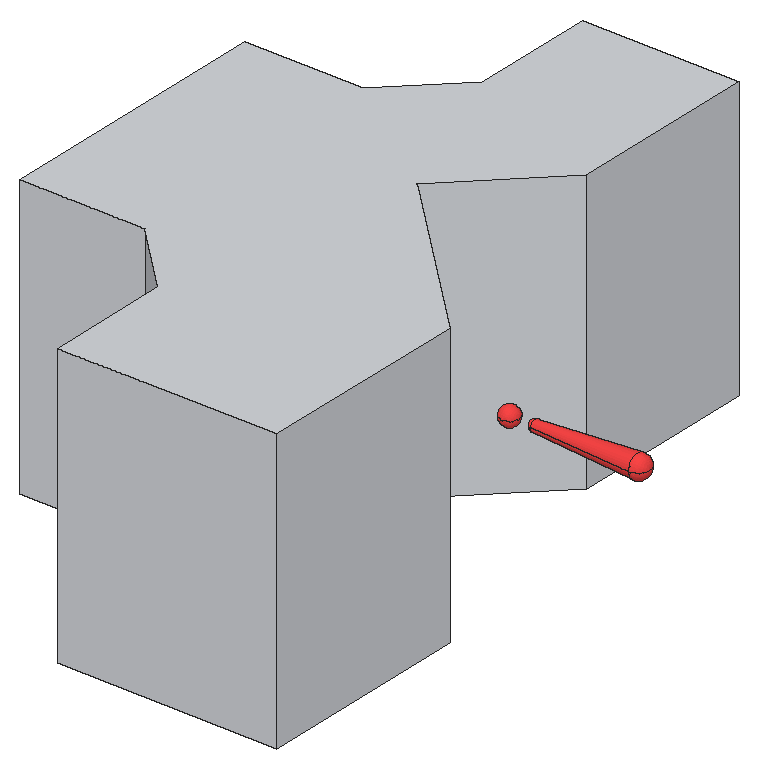
Revit family "Climaver_Double dynamic branch", category Tvarovky potrubí, Revit 2022
Family settings
  Kóta kulaté spojky = Použít průměr
  Typ dílu = Spoj T
  Číslo OmniClass = 23.75.70.14
  Nadpis OmniClass = Air Ductwork
  Založené na pracovní rovině = Ne
  Vždy vertikální = Ano
  Ořezat dutým tvarem při načtení = Ne
  Sdílené = Ne
Parameters (values of type "CLIMAVER A2 Deco")
  x32 [instance] = d - 3000 mm + External dimension_Width 3 / 2 + sin(45.00°) * Lenght of inner chamfered part 2  # 331.066 mm
  x31 [instance] = (tan(22.50°) * External dimension_Width 2 / 2) + 3000 mm - db + d1  # 331.066 mm
  x22 [instance] = 3000.086 mm
  x11 [instance] = d1 + (tan(22.50°) * External dimension_Width 2 / 2)  # 281.066 mm
  note_R4 = "Contact climaver team. The table below indicates the types of reinforcement and the distance between each reinforcement.\r\n"  # constant formula
  note_R3 = "Reinforcement is required. For more information, visit the manufacturer's website. The table below indicates the types of reinforcement and the distance between each reinforcement.\r\n"  # constant formula
  note_R2 = "At pressures greater than 200 Pa it is necessary to reinforce. For more information, visit the manufacturer's website. The table below indicates the types of reinforcement and the distance between each reinforcement.\r\n"  # constant formula
  note_R1 = "At pressures greater than 400 Pa it is necessary to reinforce. For more information, visit the manufacturer's website. The table below indicates the types of reinforcement and the distance between each reinforcement.\r\n"  # constant formula
  note_R = "Branch widths cannot be the same as the dimension of the main part"  # constant formula
  note_L4 min = "Minimum dimension from end of fitting = 200 mm exceeded"  # constant formula
  note_L3 min = "The minimum dimension of parameter was exceeded. Lenght of inner part of the branch 2 = 200 mm"  # constant formula
  note_L2 min = "The minimum dimension of parameter was exceeded. Lenght of inner part of the branch = 200 mm"  # constant formula
  note_A2 = "The minimum dimension of parameter was exceeded. Lenght of inner chamfered part 2 = 150 mm"  # constant formula
  note_A = "The minimum dimension of parameter was exceeded. Lenght of inner chamfered part = 150 mm"  # constant formula
  note_L1 min = "The minimum dimension of parameter was exceeded. Length of inner part 1 = 200 mm."  # constant formula
  note_L max = "Warning: The fitting must be constructed from more parts."  # constant formula
  note_Di = "The internal dimensions should be at least 200 mm (the recommended min.value for the DUCT_WIDTH and DUCT_HEIGHT)"  # constant formula
  b3 [instance] = External dimension_Height  # 450 mm
  b2 [instance] = External dimension_Height  # 450 mm
  b1 [instance] = External dimension_Height  # 450 mm
  a3 [instance] = External dimension_Width 3  # 250 mm
  a2 [instance] = External dimension_Width 2  # 350 mm
  a1 [instance] = External dimension_Width 2 + External dimension_Width 3 - S_p  # 450 mm
  WAR_R4 [instance] = or(DUCT_WIDTH > 1500 mm, DUCT_HEIGHT > 1500 mm)  # no
  WAR_R3 [instance] = or(DUCT_WIDTH > 1050 mm, DUCT_HEIGHT > 1050 mm)  # no
  WAR_R2 [instance] = or(DUCT_WIDTH > 900 mm, DUCT_HEIGHT > 900 mm)  # no
  WAR_R1 [instance] = or(DUCT_WIDTH > 600 mm, DUCT_HEIGHT > 600 mm)  # no
  WAR_O [instance] = if(Perimeter > Maximum perimetr of one panel, 0 mm, 1 mm)  # 1 mm
  WAR_L max [instance] = if(or((Lenght of inner part of the branch + Lenght of inner part + Lenght of inner chamfered part) > Maximum lenght, (Lenght of inner part of the branch 2 + Lenght of inner part 2 + Lenght of inner chamfered part 2) > Maximum lenght), 0 mm, 1 mm)  # 1 mm
  URL3 = ""
  URL2 = ""
  URL1 = "https://www.isover-technical-insulation.com/products/climaverr-a2-deco"
  TYPE = "Fitting"  # constant formula
  S_pL2_b [instance] = (External dimension_Width 3 / 2) - (d - 3000 mm) - (S_p - (S_d1 - S_d2)) / 2  # -76.244 mm
  S_pL2_a [instance] = if((S_d1 - S_d2) > 0 mm, (External dimension_Width 3 / 2) - (d - 3000 mm), (3000 mm - db) - (External dimension_Width 2 / 2))  # -125 mm
  S_pL2 [instance] = if(abs(S_d1 - S_d2) > S_p, S_pL2_a, S_pL2_b)  # -76.244 mm
  S_p [instance] = (External dimension_Width 2 / 2) + (External dimension_Width 3 / 2) - (d - db)  # 150 mm
  S_d2 [instance] = d3 + tan(22.50°) * (External dimension_Width 2 / 2)  # 344.975 mm
  S_d1 [instance] = (VZDdo - d2) + tan(22.50°) * (External dimension_Width 3 / 2)  # 292.487 mm
  S3_Sp [instance] = if((S_d1 - S_d2) < 0 mm, S_p, 0 mm)  # 150 mm
  S2_Sp [instance] = if((S_d1 - S_d2) > 0 mm, S_p, 0 mm)  # 0 mm
  Reinforcement note [instance] = if(WAR_R4, note_R4, if(WAR_R3, note_R3, if(WAR_R2, note_R2, if(WAR_R1, note_R1, ""))))  # ""
  PANEL THICKNESS = 25 mm
  PANEL AREA [instance] = 2 * (a1 + b1) * L1 + 2 * (a2 + b2 + 200 mm) * L2 + 2 * (a3 + b3 + 200 mm) * L3  # 3.08376 m²
  MAXIMUM DIMENSION [instance] = if(External dimension_Width > External dimension_Height, External dimension_Width, External dimension_Height)  # 450 mm
  L3 [instance] = Lenght of inner part of the branch + x31 - S_pL2  # 607.31 mm
  L2 [instance] = Lenght of inner part of the branch 2 + x32 + S_pL2  # 454.822 mm
  L1 [instance] = ((d3 + d1 + (External dimension_Width 2 / 2)) + (VZDdo + (External dimension_Width 3 / 2))) / 2  # 600.533 mm
  Lenght of inner part 2 [instance] = VZDdo - External dimension_Width 3 / 2 - sin(45.00°) * Lenght of inner chamfered part 2  # 188.934 mm
  ds3 [instance] = tan(22.50°) * External dimension_Width 2 / 2  # 72.487 mm
  ds2 [instance] = tan(45.00°) * ds  # 150 mm
  ds [instance] = External dimension_Width 3 + External dimension_Width 2 - External dimension_Width  # 150 mm
  db [instance] = 3000 mm - External dimension_Width / 2 + External dimension_Width 2 / 2  # 2950 mm
  d7 [instance] = Lenght of inner part + tan(22.50°) * External dimension_Width 3 / 2  # 251.777 mm
  d6 [instance] = tan(22.50°) * External dimension_Width 3 / 2 * 2 + Lenght of inner chamfered part 2  # 253.553 mm
  d5 [instance] = tan(22.50°) * External dimension_Width 2 / 2 * 2 + Lenght of inner chamfered part  # 294.975 mm
  d3 [instance] = Lenght of inner part + tan(22.50°) * External dimension_Width 2 / 2  # 272.487 mm
  d2 [instance] = cos(45.00°) * d6  # 179.289 mm
  d [instance] = 3000 mm + External dimension_Width / 2 - External dimension_Width 3 / 2  # 3100 mm
  Wvzd [instance] = Duct_width 3 / 3 * 2  # 133.333 mm
  WAR_L4 min [instance] = if(Lenght of inner part 2 < Maximum lenght of inner part, 0 mm, 1 mm)  # 0 mm
  WAR_R [instance] = if(or(DUCT_WIDTH = Duct_width 3, DUCT_WIDTH = Duct_width 2), 0 mm, 1 mm)  # 1 mm
  WAR_L3 min [instance] = if(Lenght of inner part of the branch 2 < Maximum lenght of inner part, 0 mm, 1 mm)  # 1 mm
  WAR_A2 [instance] = if(Lenght of inner chamfered part 2 < Minimum lenght of middle part, 0 mm, 1 mm)  # 1 mm
  WAR_A [instance] = if(Lenght of inner chamfered part < Minimum lenght of middle part, 0 mm, 1 mm)  # 1 mm
  Installation manual = "https://ssi-climaver.com/assets/pdf/20180924%20climaver_installation_manual_din_a5.pdf"
  Hyy_V [instance] = and(abs(S_d1 - S_d2) > S_p, (S_d1 - S_d2) > 0 mm)  # no
  Hy_V [instance] = abs(S_d1 - S_d2) < S_p  # yes
  Hxx_V [instance] = and(abs(S_d1 - S_d2) > S_p, (S_d1 - S_d2) < 0 mm)  # no
  Hx_V [instance] = abs(S_d1 - S_d2) > S_p  # no
  H3_V [instance] = and((S_d1 - S_d2) < 0 mm, Hx_V)  # no
  H3_Sp [instance] = if((S_d1 - S_d2) < 0 mm, S_p - PANEL THICKNESS, PANEL THICKNESS)  # 125 mm
  H2_V [instance] = (S_d1 - S_d2) > 0 mm  # no
  H2_Sp [instance] = if((S_d1 - S_d2) > 0 mm, S_p - PANEL THICKNESS, PANEL THICKNESS)  # 25 mm
  H2_4 [instance] = if((S_d1 - S_d2) < 0 mm, VZDdo - d2 + tan(22.50°) * (Duct_width 3 / 2) + (Duct_width 2 + Duct_width 3 - DUCT_WIDTH) + PANEL THICKNESS / sin(45.00°) + PANEL THICKNESS, 5 mm)  # 442.487 mm
  H2_3 [instance] = if((S_d1 - S_d2) > 0 mm, tan(22.50°) * External dimension_Width 2 - tan(22.50°) * PANEL THICKNESS + (Duct_width 2 + Duct_width 3 - DUCT_WIDTH) + PANEL THICKNESS / sin(45.00°) + PANEL THICKNESS + Lenght of inner part, 5 mm)  # 5 mm
  H2_2 [instance] = if((S_d1 - S_d2) < 0 mm, VZDdo - d2 + tan(22.50°) * (Duct_width 3 / 2) + (Duct_width 2 + Duct_width 3 - DUCT_WIDTH), 100 mm)  # 382.132 mm
  H2_1 [instance] = if((S_d1 - S_d2) > 0 mm, tan(22.50°) * External dimension_Width 2 - tan(22.50°) * PANEL THICKNESS + (Duct_width 2 + Duct_width 3 - DUCT_WIDTH), 5 mm)  # 5 mm
  External dimension_Width 3 [instance] = Duct_width 3 + 2 * PANEL THICKNESS  # 250 mm
  VZDdo [instance] = 420 mm
  PS3 [instance] = Duct_width 3 / 2  # 100 mm
  Duct_width 3 [instance] = 200 mm
  PS2 [instance] = Duct_width 2 / 2  # 150 mm
  Perimeter [instance] = DUCT_HEIGHT * 2 + DUCT_WIDTH * 2 + 200 mm  # 1800 mm
  Minimum lenght of middle part [instance] = 150 mm  # constant formula
  Maximum lenght of inner part [instance] = 200 mm  # constant formula
  Maximum perimetr of one panel [instance] = 3000 mm  # constant formula
  Lenght of inner part of the branch 2 [instance] = 200 mm
  Lenght of inner chamfered part 2 [instance] = 150 mm
  Lenght of inner chamfered part [instance] = 150 mm
  d1 [instance] = d4  # 208.579 mm
  d4 [instance] = cos(45.00°) * d5  # 208.579 mm
  Warnings = yes
  Warning note [instance] = if(WAR_Di = 0 mm, note_Di, if(WAR_A = 0 mm, note_A, if(WAR_L1 min = 0 mm, note_L1 min, if(WAR_L2 min = 0 mm, note_L2 min, if(WAR_L3 min = 0 mm, note_L3 min, if(WAR_R = 0 mm, note_R, if(WAR_L4 min = 0 mm, note_L4 min, if(WAR_A2 = 0 mm, note_A2, if(WAR_O = 0 mm, note_L max, if(WAR_L max = 0 mm, note_L max, ""))))))))))  # "The minimum dimension of parameter was exceeded. Length of inner part 1 = 200 mm."
  WAR_L2 min [instance] = if(Lenght of inner part of the branch < Maximum lenght of inner part, 0 mm, 1 mm)  # 1 mm
  WAR_L1 min [instance] = if(or(Lenght of inner part < Maximum lenght of inner part, Lenght of inner part 2 < Maximum lenght of inner part), 0 mm, 1 mm)  # 0 mm
  WAR_Di [instance] = if((or(DUCT_WIDTH < 200 mm, DUCT_HEIGHT < 200 mm, Duct_width 2 < 200 mm, Duct_width 3 < 200 mm)), 0 mm, 1 mm)  # 1 mm
  WAR [instance] = if(or(WAR_A = 0 mm, WAR_A2 = 0 mm, WAR_L1 min = 0 mm, WAR_L2 min = 0 mm, WAR_L3 min = 0 mm, WAR_L4 min = 0 mm, WAR_R = 0 mm), 0 mm, 1 mm)  # 0 mm
  W [instance] = and(WAR = 0 mm, Warnings)  # yes
  Výrobce = "Saint-Gobain - Isover"
  External dimension_Width 2 [instance] = Duct_width 2 + 2 * PANEL THICKNESS  # 350 mm
  External dimension_Width [instance] = DUCT_WIDTH + 2 * PANEL THICKNESS  # 450 mm
  External dimension_Height [instance] = DUCT_HEIGHT + 2 * PANEL THICKNESS  # 450 mm
  Duct_width 2 [instance] = 300 mm
  Maximum lenght [instance] = 1190 mm
  Family collaps = no
  URL = "https://www.isover-technical-insulation.com/hvac/climaverr-self-supporting-ducts"
  Popis = "Double dynamic branch"
  Model = "CLIMAVER A2 Deco (Fire behaviour A2-s1, d0, Acoustic absorption 0,85)"
  Material = none
  Komentáře k typům = "Glass wool duct boards for air conditioning, ventilation and heating systems. The system allow to make foursquare duct/duct lines (straight duct, elbow, offset, branch etc.) The panel a high density glass wool duct board and is faced on both sides. The outer facing, a robust aluminum facing, acts as a vapor barrier and ensures that the duct is airtight. The inner facing of the duct may be either a reinforced aluminum facing or a woven glass facing.The pre-insulated, self-supporting duct is designed to offer excellent acoustics, excellent thermal performance and a high level of air-tightness, making the system energy efficient. Application as EN 13403, Airtightness: Thermal conductivity λ = 0,032 [W/(m·K)] for T = 10 °C, Class D, Maximum Static pressure: 800 Pa, Maximum air speed: 18 m/s, Maximum temperature of circulating air: 90°C, Maximum external air temperature 60°C, Minimum temperature: – 30˚C, Dimensional stability: Quantities and measured values : <1 %, Duct assembly: exclusive male/female molded shiplap, Water-vapour diffusion resistence: >140 m².h.Pa/mg (from the facing)."  # constant formula
  Lenght of inner part of the branch [instance] = 200 mm
  Lenght of inner part [instance] = 200 mm
  Výchozí výška = 0 mm
  DUCT_WIDTH 3 [instance] = Duct_width 3  # 200 mm
  DUCT_WIDTH 2 [instance] = Duct_width 2  # 300 mm
  DUCT_WIDTH [instance] = 400 mm
  DUCT_HEIGHT [instance] = 400 mm
  Collapse [instance] = and(WAR = 0 mm, Family collaps)  # no
  COPYRIGHT = "Saint-Gobain - Isover"  # constant formula
Types (4, lengths in mm): name | x32 | x31 | x11 | b3 | b2 | b1 | a3 | a2 | a1 | URL3 | URL2 | URL1 | S_pL2_b | S_pL2_a | S_pL2 | S_p | S_d2 | S_d1 | S3_Sp | S2_Sp | PANEL THICKNESS | PANEL AREA | MAXIMUM DIMENSION | L3 | L2 | L1 | Lenght of inner part 2 | ds3 | ds2 | ds | db | d7 | d6 | d5 | d3 | d2 | WAR_L4 min | Hyy_V | Hy_V | Hx_V | H3_Sp | H2_V | H2_Sp | H2_4 | H2_3 | H2_2 | H2_1 | External dimension_Width 3 | VZDdo | PS2 | d1 | d4 | Warning note | WAR_L1 min | WAR | W | External dimension_Width 2 | External dimension_Width | External dimension_Height | Duct_width 2 | Maximum lenght | Model | DUCT_WIDTH 2
  CLIMAVER Plus R, CLIMAVER A2 Plus | 331.066 | 331.066 | 231.066 | 450 | 450 | 450 | 250 | 250 | 450 | "" | "https://www.isover-technical-insulation.com/products/climaverr-a2-plus" | "https://www.isover-technical-insulation.com/products/climaverr-plus-r" | 184.467 | 25 | 25 | 50 | 303.553 | 672.487 | 0 | 50 | 25 | 3.2448 m² | 450 | 506.066 | 556.066 | 740.533 | 568.934 | 51.777 | 50 | 50 | 2900 | 251.777 | 253.553 | 253.553 | 251.777 | 179.289 | 1 | yes | no | yes | 25 | yes | 25 | 5 | 353.553 | 100 | 93.198 | 250 | 800 | 100 | 179.289 | 179.289 | "" | 1 | 1 | no | 250 | 450 | 450 | 200 | 1190 | "CLIMAVER Plus R, CLIMAVER A2 Plus (Fire reaction B-s1, d0; A2-s1, d0, Acoustic absorption 0,30)" | 200
  CLIMAVER Neto, CLIMAVER A2 Neto | 331.066 | 331.066 | 231.066 | 450 | 450 | 450 | 250 | 250 | 450 | "" | "https://www.isover-technical-insulation.com/products/climaverr-a2-neto" | "https://www.isover-technical-insulation.com/products/climaverr-neto" | 184.467 | 25 | 25 | 50 | 303.553 | 672.487 | 0 | 50 | 25 | 3.2448 m² | 450 | 506.066 | 556.066 | 740.533 | 568.934 | 51.777 | 50 | 50 | 2900 | 251.777 | 253.553 | 253.553 | 251.777 | 179.289 | 1 | yes | no | yes | 25 | yes | 25 | 5 | 353.553 | 100 | 93.198 | 250 | 800 | 100 | 179.289 | 179.289 | "" | 1 | 1 | no | 250 | 450 | 450 | 200 | 1190 | "CLIMAVER Neto, CLIMAVER A2 Neto (Fire reaction B-s1, d0; A2-s1, d0, Acoustic absorption 0,85)" | 200
  CLIMAVER A2 Deco | 331.066 | 331.066 | 281.066 | 450 | 450 | 450 | 250 | 350 | 450 | "" | "" | "https://www.isover-technical-insulation.com/products/climaverr-a2-deco" | -76.244 | -125 | -76.244 | 150 | 344.975 | 292.487 | 150 | 0 | 25 | 3.08376 m² | 450 | 607.31 | 454.822 | 600.533 | 188.934 | 72.487 | 150 | 150 | 2950 | 251.777 | 253.553 | 294.975 | 272.487 | 179.289 | 0 | no | yes | no | 125 | no | 25 | 442.487 | 5 | 382.132 | 5 | 250 | 420 | 150 | 208.579 | 208.579 | "The minimum dimension of parameter was exceeded. Length of inner part 1 = 200 mm." | 0 | 0 | yes | 350 | 450 | 450 | 300 | 1190 | "CLIMAVER A2 Deco (Fire behaviour A2-s1, d0, Acoustic absorption 0,85)" | 300
  CLIMAVER Apta, A2 Apta, A1 Apta | 346.066 | 346.066 | 246.066 | 480 | 480 | 480 | 280 | 280 | 480 | "https://www.isover-technical-insulation.com/products/climaverr-a1-apta" | "https://www.isover-technical-insulation.com/products/climaverr-a2-apta" | "https://www.isover-technical-insulation.com/products/climaverr-apta" | 176.967 | 40 | 40 | 80 | 315.98 | 669.914 | 0 | 80 | 40 | 3.56192 m² | 480 | 506.066 | 586.066 | 763.033 | 553.934 | 57.99 | 80 | 80 | 2900 | 257.99 | 265.98 | 265.98 | 257.99 | 188.076 | 1 | yes | no | yes | 40 | yes | 40 | 5 | 395.98 | 100 | 99.411 | 280 | 800 | 100 | 188.076 | 188.076 | "" | 1 | 1 | no | 280 | 480 | 480 | 200 | 1210 | "CLIMAVER Apta, A2 Apta, A1 Apta (Fire reaction B-s1, d0; A2-s1, d0; A1, Acoustic absorption 0,90)" | 200
Reference planes
  plane 1: z = 0
  plane 2 "Center(Left/Right)": x = 309.645
  plane 3 "Center": y = -295.403
  plane 4: x = 134.645
  plane 5: x = 484.645
  plane 6: y = -3295.403
  plane 7: x = 309.558
  plane 8: x = 28.579
  plane 9: y = -626.469
  plane 10: x = 3309.645
  plane 11: y = 35.663
  plane 12 "Horni_3": z = 225
  plane 13 "Horni_2": z = 225
  plane 14 "Spodni_3": z = -225
  plane 15 "Spodni_2": z = -225
  plane 16: z = 200
  plane 17: z = 200
  plane 18: z = -200
  plane 19: z = -200
Forms (mm)
  Sweep 1, solid, detail levels medium+fine
    path in 3D
      loop
        line (-171.421, -195.403, 0) -> (69.289, -195.403, 0) -> (248.579, -16.114, 0) -> (248.579, 235.663, 0)
    profile "M_Duct - Rectangular : Duct - Rectangular 4" origin (-51.066, -195.403, 0) x (0, 1, 0) y (0, 0, 1)
      loop
        line (-125, 225) -> (-125, -225) -> (125, -225) -> (125, 225) -> (-125, 225)
  Sweep 2, solid, detail levels medium+fine
    path in 3D
      loop
        line (-171.421, -345.403, 0) -> (101.066, -345.403, 0) -> (309.645, -553.982, 0) -> (309.645, -826.469, 0)
    profile "M_Duct - Rectangular : Duct - Rectangular 3" origin (-35.178, -345.403, 0) x (0, 1, 0) y (0, 0, 1)
      loop
        line (-175, 225) -> (-175, -225) -> (175, -225) -> (175, 225) -> (-175, 225)
Cuts and joins
  joined: Sweep 1, Sweep 2
Lines and regions (mm)
  model lines, style "InvisibleLines", not visible
    curve 1: line (80.673, 222.588, 0) -> (108.957, 250.873, 0)
    curve 2: line (108.957, 250.873, 0) -> (108.957, 170.873, 0)
  reference lines
    curve 3: line (473.65, -295.403, 0) -> (-171.421, -295.403, 0)
    curve 4: line (-171.421, -345.403, 0) -> (101.066, -345.403, 0)
    curve 5: line (309.645, -553.982, 0) -> (101.066, -345.403, 0)
    curve 6: line (26.848, -553.982, 0) -> (438.65, -553.982, 0)
    curve 7: line (309.645, -553.982, 0) -> (309.645, -826.469, 0)
    curve 11: line (-171.421, -340.403, 0) -> (-171.421, -662.652, 0)
    curve 12: line (309.645, -826.469, 0) -> (484.645, -826.469, 0)
    curve 27: line (-171.421, -195.403, 0) -> (28.579, -195.403, 0)
    curve 28: line (248.579, -16.114, 0) -> (69.289, -195.403, 0)
    curve 29: line (-45.64, -16.114, 0) -> (423.406, -16.114, 0)
    curve 30: line (248.579, -16.114, 0) -> (248.579, 235.663, 0)
    curve 31: line (248.579, 235.663, 0) -> (388.579, 235.663, 0)
  sketch lines
    curve 8: line (-171.421, -345.403, 0) -> (101.066, -345.403, 0)
    curve 9: line (309.645, -553.982, 0) -> (101.066, -345.403, 0)
    curve 10: line (309.645, -553.982, 0) -> (309.645, -826.469, 0)
    curve 32: line (-171.421, -195.403, 0) -> (69.289, -195.403, 0)
    curve 33: line (248.579, -16.114, 0) -> (69.289, -195.403, 0)
    curve 34: line (248.579, -16.114, 0) -> (248.579, 235.663, 0)
  model lines, style "DuctFitting", detail levels coarse
    curve 13: line (-171.421, -345.403, 0) -> (101.066, -345.403, 0)
    curve 14: line (309.645, -553.982, 0) -> (101.066, -345.403, 0)
    curve 15: line (309.645, -553.982, 0) -> (309.645, -826.469, 0)
    curve 56: line (-171.421, -195.403, 0) -> (69.289, -195.403, 0)
    curve 57: line (248.579, -16.114, 0) -> (69.289, -195.403, 0)
    curve 58: line (248.579, -16.114, 0) -> (248.579, 235.663, 0)
  model lines, style "Climaver_Inner wall of fittings", detail levels medium
    curve 16: line (38.934, -495.403, 225) -> (159.645, -616.114, 225)
    curve 17: line (-171.421, -495.403, 225) -> (38.934, -495.403, 225)
    curve 18: line (159.645, -616.114, 225) -> (159.645, -826.469, 225)
    curve 19: line (28.579, -520.403, 200) -> (134.645, -626.469, 200)
    curve 20: line (28.579, -520.403, -200) -> (134.645, -626.469, -200)
    curve 21: line (-171.421, -520.403, 200) -> (28.579, -520.403, 200)
    curve 22: line (-171.421, -520.403, -200) -> (28.579, -520.403, -200)
    curve 23: line (134.645, -626.469, 200) -> (134.645, -826.469, 200)
    curve 24: line (134.645, -626.469, -200) -> (134.645, -826.469, -200)
    curve 35: line (148.579, 235.663, 225) -> (148.579, 25.307, 225)
    curve 36: line (27.868, -95.403, 225) -> (148.579, 25.307, 225)
    curve 37: line (27.868, -95.403, 225) -> (-171.421, -95.403, 225)
    curve 38: line (38.934, -495.403, -225) -> (159.645, -616.114, -225)
    curve 39: line (-171.421, -495.403, -225) -> (38.934, -495.403, -225)
    curve 40: line (159.645, -616.114, -225) -> (159.645, -826.469, -225)
    curve 41: line (148.579, 235.663, -225) -> (148.579, 25.307, -225)
    curve 42: line (27.868, -95.403, -225) -> (148.579, 25.307, -225)
    curve 43: line (27.868, -95.403, -225) -> (-171.421, -95.403, -225)
    curve 44: line (17.513, -70.403, 200) -> (-171.421, -70.403, 200)
    curve 45: line (17.513, -70.403, -200) -> (-171.421, -70.403, -200)
    curve 46: line (123.579, 35.663, 200) -> (17.513, -70.403, 200)
    curve 47: line (123.579, 35.663, -200) -> (17.513, -70.403, -200)
    curve 48: line (123.579, 235.663, 200) -> (123.579, 35.663, 200)
    curve 49: line (123.579, 235.663, -200) -> (123.579, 35.663, -200)
  model lines, style "Climaver_Inner wall of fittings", visible <- "Hy_V", detail levels medium
    curve 25: line (484.645, -826.469, 200) -> (484.645, -481.495, 200)
    curve 26: line (484.645, -826.469, -200) -> (484.645, -481.495, -200)
    curve 50: line (373.579, -67.891, 200) -> (373.579, 235.663, 200)
    curve 51: line (373.579, -67.891, -200) -> (373.579, 235.663, -200)
    curve 52: line (484.645, -481.495, 200) -> (222.31, -219.16, 200)
    curve 53: line (484.645, -481.495, -200) -> (222.31, -219.16, -200)
    curve 54: line (222.31, -219.16, 200) -> (373.579, -67.891, 200)
    curve 55: line (373.579, -67.891, -200) -> (222.31, -219.16, -200)
    curve 99: line (348.579, -57.536, 225) -> (186.954, -219.16, 225)
    curve 100: line (348.579, 235.663, 225) -> (348.579, -57.536, 225)
    curve 101: line (186.954, -219.16, 225) -> (459.645, -491.85, 225)
    curve 102: line (459.645, -491.85, 225) -> (459.645, -826.469, 225)
    curve 103: line (348.579, -57.536, -225) -> (186.954, -219.16, -225)
    curve 104: line (348.579, 235.663, -225) -> (348.579, -57.536, -225)
    curve 105: line (186.954, -219.16, -225) -> (459.645, -491.85, -225)
    curve 106: line (459.645, -491.85, -225) -> (459.645, -826.469, -225)
  model lines, style "Climaver_Inner wall of fittings", visible <- "Hx_V", detail levels medium
    curve 59: line (348.579, -57.536, 225) -> (210.711, -195.403, 225)
    curve 60: line (348.579, 235.663, 225) -> (348.579, -57.536, 225)
    curve 61: line (163.198, -195.403, 225) -> (459.645, -491.85, 225)
    curve 62: line (459.645, -491.85, 225) -> (459.645, -826.469, 225)
    curve 69: line (348.579, -57.536, -225) -> (210.711, -195.403, -225)
    curve 70: line (348.579, 235.663, -225) -> (348.579, -57.536, -225)
    curve 71: line (163.198, -195.403, -225) -> (459.645, -491.85, -225)
    curve 72: line (459.645, -491.85, -225) -> (459.645, -826.469, -225)
    curve 79: line (373.579, -67.891, 200) -> (271.066, -170.403, 200)
    curve 80: line (373.579, 235.663, 200) -> (373.579, -67.891, 200)
    curve 81: line (173.553, -170.403, 200) -> (484.645, -481.495, 200)
    curve 82: line (484.645, -481.495, 200) -> (484.645, -826.469, 200)
    curve 89: line (373.579, -67.891, -200) -> (271.066, -170.403, -200)
    curve 90: line (373.579, 235.663, -200) -> (373.579, -67.891, -200)
    curve 91: line (173.553, -170.403, -200) -> (484.645, -481.495, -200)
    curve 92: line (484.645, -481.495, -200) -> (484.645, -826.469, -200)
  model lines, style "Climaver_Inner wall of fittings", not visible, detail levels medium
    curve 63: line (33.579, -195.403, 225) -> (33.579, -253.627, 225)
    curve 64: line (210.711, -195.403, 225) -> (-171.421, -195.403, 225)
    curve 65: line (104.835, -195.403, 225) -> (-171.421, -195.403, 225)
    curve 66: line (210.711, -195.403, 225) -> (210.711, -215.403, 225)
    curve 73: line (33.579, -195.403, -225) -> (33.579, -153.627, -225)
    curve 74: line (210.711, -195.403, -225) -> (-54.437, -195.403, -225)
    curve 75: line (104.835, -195.403, -225) -> (-151.421, -195.403, -225)
    curve 76: line (210.711, -195.403, -225) -> (210.711, -185.403, -225)
    curve 83: line (-166.421, -170.403, 200) -> (-166.421, -153.627, 200)
    curve 84: line (271.066, -170.403, 200) -> (266.066, -170.403, 200)
    curve 85: line (271.066, -170.403, 200) -> (-159.975, -170.403, 200)
    curve 86: line (271.066, -170.403, 200) -> (271.066, -315.403, 200)
    curve 93: line (-166.421, -170.403, -200) -> (-166.421, -88.627, -200)
    curve 94: line (271.066, -170.403, -200) -> (266.066, -170.403, -200)
    curve 95: line (271.066, -170.403, -200) -> (-159.975, -170.403, -200)
    curve 96: line (271.066, -170.403, -200) -> (271.066, -315.403, -200)
  model lines, style "Climaver_Inner wall of fittings", visible <- "H3_V", detail levels medium
    curve 67: line (210.711, -195.403, 225) -> (163.198, -195.403, 225)
    curve 77: line (210.711, -195.403, -225) -> (163.198, -195.403, -225)
  model lines, style "Climaver_Inner wall of fittings", visible <- "Hyy_V", detail levels medium
    curve 68: line (210.711, -195.403, 225) -> (33.579, -195.403, 225)
    curve 78: line (210.711, -195.403, -225) -> (33.579, -195.403, -225)
    curve 88: line (271.066, -170.403, 200) -> (-166.421, -170.403, 200)
    curve 98: line (271.066, -170.403, -200) -> (-166.421, -170.403, -200)
  model lines, style "Climaver_Inner wall of fittings", visible <- "Hxx_V", detail levels medium
    curve 87: line (271.066, -170.403, 200) -> (173.553, -170.403, 200)
    curve 97: line (271.066, -170.403, -200) -> (173.553, -170.403, -200)
Dimensions and locks
  equal spacing: plane 4, plane 2 "Center(Left/Right)", plane 5
  "External dimension_Width 2": plane 4 to plane 5
  "d1": curve 6 to curve 4
  "d5": curve 5 to curve 5
  "d3": curve 4 to curve 4
  plane 3 "Center" to plane 6 = 3000 mm
  "db": curve 4 to plane 6
  "d": curve 27 to plane 6
  "x11": plane 8 to plane 2 "Center(Left/Right)"
  "Lenght of inner part": curve 11 to plane 8
  "x31": plane 3 "Center" to plane 9
  "Lenght of inner part of the branch": plane 9 to curve 12
  "PS2": curve 5 to curve 16
  "PS2": curve 17 to curve 4
  "PS2": curve 18 to curve 7
  locked: plane 2 "Center(Left/Right)" to plane 10 at 3000
  "x22": plane 7 to plane 10
  equal spacing: curve 20, level, curve 19
  "DUCT_HEIGHT": curve 20 to curve 19
  equal spacing: curve 21, level, curve 22
  "DUCT_HEIGHT": curve 21 to curve 22
  equal spacing: curve 23, level, curve 24
  "DUCT_HEIGHT": curve 24 to curve 23
  equal spacing: curve 25, level, curve 26
  "DUCT_HEIGHT": curve 26 to curve 25
  "d2": curve 27 to curve 29
  "x32": plane 11 to plane 3 "Center"
  "Lenght of inner part of the branch 2": curve 31 to plane 11
  "PS3": curve 28 to curve 36
  "PS3": curve 35 to curve 30
  "PS3": curve 27 to curve 37
  "PS3": curve 27 to curve 43
  "PS3": curve 28 to curve 42
  "PS3": curve 41 to curve 30
  "PS2": curve 39 to curve 4
  "PS2": curve 38 to curve 5
  "PS2": curve 40 to curve 7
  equal spacing: curve 45, level, curve 44
  "DUCT_HEIGHT": curve 45 to curve 44
  equal spacing: curve 47, level, curve 46
  "DUCT_HEIGHT": curve 47 to curve 46
  equal spacing: curve 49, level, curve 48
  "DUCT_HEIGHT": curve 49 to curve 48
  equal spacing: curve 51, level, curve 50
  "DUCT_HEIGHT": curve 51 to curve 50
  equal spacing: curve 53, level, curve 52
  "DUCT_HEIGHT": curve 53 to curve 52
  equal spacing: curve 55, level, curve 54
  "DUCT_HEIGHT": curve 55 to curve 54
  "VZDdo": curve 11 to curve 30
  "Wvzd": curve 30 to nested 1
  "H2_1": plane 8 to curve 63
  "PANEL THICKNESS": curve 60 to Sweep 1
  "PANEL THICKNESS": Sweep 2 to curve 61
  "PANEL THICKNESS": curve 62 to Sweep 2
  "H2_Sp": Sweep 2 to curve 64
  "H3_Sp": Sweep 1 to curve 65
  "PANEL THICKNESS": Sweep 1 to curve 59
  "H2_2": Sweep 2 to curve 66
  "PANEL THICKNESS": curve 70 to Sweep 1
  "PANEL THICKNESS": curve 69 to Sweep 1
  "PANEL THICKNESS": curve 71 to Sweep 2
  "PANEL THICKNESS": curve 72 to Sweep 2
  "H2_2": Sweep 2 to curve 76
  "H2_1": plane 8 to curve 73
  "H2_Sp": Sweep 2 to curve 75
  "H3_Sp": Sweep 1 to curve 77
  "H2_4": Sweep 2 to curve 86
  "H2_3": cut or joined group of Sweep 1, Sweep 2 to curve 83
  "S2_Sp": Sweep 2 to curve 87
  "S3_Sp": Sweep 1 to curve 88
  "S3_Sp": Sweep 1 to curve 97
  "S2_Sp": Sweep 2 to curve 98
  "H2_4": Sweep 2 to curve 96
  "H2_3": cut or joined group of Sweep 1, Sweep 2 to curve 93
  equal spacing: plane 16, plane 1, plane 18
  "DUCT_HEIGHT": plane 16 to plane 18
  equal spacing: plane 17, plane 1, plane 19
  "DUCT_HEIGHT": plane 17 to plane 19
  equal spacing: plane 12 "Horni_3", plane 1, plane 14 "Spodni_3"
  "External dimension_Height": plane 12 "Horni_3" to plane 14 "Spodni_3"
  equal spacing: plane 13 "Horni_2", plane 1, plane 15 "Spodni_2"
  "External dimension_Height": plane 13 "Horni_2" to plane 15 "Spodni_2"
  "PANEL THICKNESS": curve 102 to cut or joined group of Sweep 1, Sweep 2
  "PANEL THICKNESS": cut or joined group of Sweep 1, Sweep 2 to curve 101
  "PANEL THICKNESS": cut or joined group of Sweep 1, Sweep 2 to curve 99
  "PANEL THICKNESS": curve 100 to cut or joined group of Sweep 1, Sweep 2
  "PANEL THICKNESS": curve 106 to cut or joined group of Sweep 1, Sweep 2
  "PANEL THICKNESS": cut or joined group of Sweep 1, Sweep 2 to curve 105
  "PANEL THICKNESS": cut or joined group of Sweep 1, Sweep 2 to curve 103
  "PANEL THICKNESS": curve 104 to cut or joined group of Sweep 1, Sweep 2
  locked: plane 2 "Center(Left/Right)" to curve 5 (angle 45.00°)
  locked: curve 29 to curve 28 (angle 45.00°)
  locked: plane 2 "Center(Left/Right)" to curve 61 (angle 45.00°)
  locked: plane 3 "Center" to curve 59 (angle 45.00°)
  locked: plane 7 to curve 71 (angle 45.00°)
  locked: plane 3 "Center" to curve 69 (angle 45.00°)
  aligned and locked: curve 6 to curve 7
  aligned and locked: curve 12 to plane 2 "Center(Left/Right)"
  aligned and locked: plane 5 to curve 12
  aligned and locked: curve 4 to curve 13
  aligned and locked: curve 14 to curve 5
  aligned and locked: curve 15 to curve 7
  aligned and locked: curve 11 to curve 17
  aligned and locked: curve 18 to curve 12
  aligned and locked: curve 11 to curve 27
  aligned and locked: curve 29 to curve 28
  aligned and locked: curve 27 to curve 28
  aligned and locked: plane 8 to curve 27
  aligned and locked: curve 37 to curve 11
  aligned and locked: curve 31 to curve 41
  aligned and locked: curve 40 to curve 12
  aligned and locked: curve 11 to curve 39
  aligned and locked: curve 43 to curve 11
  aligned and locked: curve 27 to curve 56
  aligned and locked: curve 57 to curve 28
  aligned and locked: curve 58 to curve 30
  aligned and locked: curve 15 to curve 12
  aligned and locked: curve 58 to curve 31
  aligned and locked: curve 29 to curve 30
  aligned and locked: curve 35 to curve 31
  aligned and locked: plane 3 "Center" to nested 1
  aligned and locked: Sweep 2 to curve 65
  aligned and locked: curve 59 to curve 65
  aligned and locked: Sweep 2 to curve 64
  aligned and locked: curve 69 to curve 75
  aligned and locked: curve 82 to Sweep 2
  aligned and locked: curve 81 to Sweep 2
  aligned and locked: curve 80 to Sweep 1
  aligned and locked: curve 79 to Sweep 1
  aligned and locked: curve 52 to curve 54
  aligned and locked: curve 25 to Sweep 2
  aligned and locked: curve 52 to Sweep 2
  aligned and locked: Sweep 1 to curve 54
  aligned and locked: curve 92 to Sweep 2
  aligned and locked: curve 91 to Sweep 2
  aligned and locked: curve 89 to Sweep 1
  aligned and locked: curve 90 to Sweep 1
  aligned and locked: Sweep 2 to curve 54
  aligned and locked: Sweep 2 to curve 55
  aligned and locked: Sweep 1 to curve 53
  aligned and locked: cut or joined group of Sweep 1, Sweep 2 to curve 62
  aligned and locked: cut or joined group of Sweep 1, Sweep 2 to curve 82
  aligned and locked: cut or joined group of Sweep 1, Sweep 2 to curve 72
  aligned and locked: cut or joined group of Sweep 1, Sweep 2 to curve 92
  aligned and locked: cut or joined group of Sweep 1, Sweep 2 to curve 60
  aligned and locked: curve 80 to cut or joined group of Sweep 1, Sweep 2
  aligned and locked: cut or joined group of Sweep 1, Sweep 2 to curve 70
  aligned and locked: curve 90 to cut or joined group of Sweep 1, Sweep 2
  aligned and locked: cut or joined group of Sweep 1, Sweep 2 to curve 106
  aligned and locked: cut or joined group of Sweep 1, Sweep 2 to curve 104
  aligned and locked: cut or joined group of Sweep 1, Sweep 2 to curve 13
  aligned and locked: cut or joined group of Sweep 1, Sweep 2 to curve 56
  aligned and locked: curve 12 to curve 102
Automatic sketch dimensions
  curve 3 to plane 3 "Center" = 0 mm
  plane 5 to curve 3 = 10.995 mm
  curve 11 to plane 9 = 36.183 mm
  curve 4 to curve 11 = 5 mm
  curve 6 to curve 5 = 0 mm
  curve 6 to curve 5 = 74.218 mm
  curve 6 to curve 4 = 74.218 mm
  curve 7 to curve 6 = 129.005 mm
  curve 20 to Sweep 2 = 0 mm  (x2)
  curve 19 to Sweep 2 = 0 mm  (x2)
  curve 22 to Sweep 2 = 0 mm  (x2)
  curve 21 to Sweep 2 = 0 mm  (x2)
  curve 24 to Sweep 2 = 0 mm  (x2)
  curve 23 to Sweep 2 = 0 mm  (x2)
  curve 53 to Sweep 2 = 0 mm
  curve 52 to Sweep 2 = 0 mm
  curve 25 to Sweep 2 = 0 mm  (x2)
  curve 26 to Sweep 2 = 0 mm  (x2)
  curve 29 to curve 27 = 74.218 mm
  curve 30 to curve 31 = 140 mm
  curve 30 to curve 29 = 174.828 mm
  curve 28 to curve 30 = 0 mm
  curve 44 to Sweep 1 = 0 mm  (x2)
  curve 45 to Sweep 1 = 0 mm  (x2)
  curve 46 to Sweep 1 = 0 mm  (x2)
  curve 47 to Sweep 1 = 0 mm  (x2)
  curve 48 to Sweep 1 = 0 mm  (x2)
  curve 49 to Sweep 1 = 0 mm  (x2)
  curve 51 to Sweep 1 = 0 mm  (x2)
  curve 50 to Sweep 1 = 0 mm  (x2)
  curve 55 to Sweep 1 = 0 mm
  curve 54 to Sweep 1 = 0 mm
  curve 73 to curve 73 = 41.777 mm
  plane 4 to curve 75 = 29.81 mm
  curve 75 to plane 8 = 180 mm
  curve 74 to curve 76 = 10 mm
  curve 74 to plane 8 = 83.015 mm
  curve 83 to curve 83 = 16.777 mm
  curve 85 to curve 83 = 6.447 mm
  curve 86 to plane 3 "Center" = 20 mm
  curve 84 to curve 84 = 5 mm
  curve 93 to curve 93 = 81.777 mm
  curve 95 to curve 93 = 6.447 mm
  curve 96 to plane 3 "Center" = 20 mm
  curve 94 to curve 94 = 5 mm
  plane 3 "Center" to curve 63 = 41.777 mm
  plane 4 to curve 65 = 29.81 mm
  curve 66 to curve 64 = 20 mm
  Sweep 1 to curve 100 = 0 mm
Nested families
  nested 1: "Warnings_HVAC" at (381.912, -295.403, 2.5) x (0, 1, 0) z (1, 0, 0), visible <- "W", type "Warnings_HVAC"
    with Viditelnost yes
Connectors
  hvac at (-171.421, -295.403, 0), driven by "DUCT_HEIGHT", driven by "DUCT_WIDTH"
    settings: on curve 3, index 1, duct flow 0.0 L/s, flow factor 0, pres drop 0.0 Pa, loss coef 0, conn angle 0.00°, conn width 400 mm, conn height 400 mm, conn diameter 609.6 mm, duct sys type 28, conn prof type 1, flow config 0, flow direction 0, loss method 0, conn ref index -1, conn util no, is conn primary yes, conn desc ""
  hvac at (309.645, -826.469, 0), driven by "DUCT_HEIGHT", driven by "DUCT_WIDTH 2"
    settings: on curve 7, index 2, duct flow 0.0 L/s, flow factor 0, pres drop 0.0 Pa, loss coef 0, conn angle 0.00°, conn width 300 mm, conn height 400 mm, conn diameter 609.6 mm, duct sys type 28, conn prof type 1, flow config 0, flow direction 0, loss method 0, conn ref index -1, conn util no, is conn primary no, conn desc ""
  hvac at (248.579, 235.663, 0), driven by "DUCT_HEIGHT", driven by "Duct_width 3"
    settings: on curve 30, index 3, duct flow 0.0 L/s, flow factor 0, pres drop 0.0 Pa, loss coef 0, conn angle 0.00°, conn width 200 mm, conn height 400 mm, conn diameter 609.6 mm, duct sys type 28, conn prof type 1, flow config 0, flow direction 0, loss method 0, conn ref index -1, conn util no, is conn primary no, conn desc ""
Definition of nested family "Warnings_HVAC"
  Parameters (values of type "Warnings_HVAC")
    Manufacturer = ""
    Default Elevation = 0 mm
    Viditelnost [instance] = yes
    URL = ""
    Description = ""
    Model = ""
    Type Comments = ""
    Collapse = no
    Collapser = if(Collapse, -1 mm, 206 mm)  # 206 mm
    Cost = 0
    COPYRIGHT = "© cadconsulting, spol. s r.o."  # constant formula
  Reference planes
    plane 1 "Střed (vpředu/vzadu)": z = 0
    plane 2: z = 0
    plane 3 "Střed (vlevo/vpravo)": x = 0
    plane 4: z = 50
    plane 5: z = 256
    plane 6 "Střed Vpředu/Vzadu": y = -2.5
  Forms (mm)
    Revolve 1, solid, visible <- "Viditelnost"
      sketch origin (0, -2.5, 1200) x (1, 0, 0) y (0, 0, 1)
        loop
          line (-18.367, -945.083) -> (-8.69, -1109.259)
          arc (-8.69, -1109.259) -> (-5.971, -1115.081) -> (0, -1117.452) r 8.705
          line (0, -1117.452) -> (0, -925.601)
          arc (0, -925.601) -> (-13.387, -931.379) -> (-18.367, -945.083) r 18.399
        loop
          arc (0, -1135) -> (-15, -1150) -> (0, -1165) r 15
          line (0, -1165) -> (0, -1135)
        axis (0, -1165) -> (0, -925.601)
      angle from 0 to 360
  Lines and regions (mm)
    reference lines
      curve 1: line (0, -2.5, 50) -> (0, -2.5, 261)
  Dimensions and locks
    "Collapser": plane 5 to plane 4
    locked: plane 4 to plane 2 at 50
    aligned and locked: level to plane 2
    aligned and locked: plane 4 to curve 1
    aligned and locked: plane 3 "Střed (vlevo/vpravo)" to curve 1
    aligned and locked: Revolve 1 sketch curve to plane 3 "Střed (vlevo/vpravo)"
    aligned and locked: plane 3 "Střed (vlevo/vpravo)" to Revolve 1 sketch curve  (x3)
    aligned and locked: plane 5 to Revolve 1 sketch curve
    aligned and locked: plane 4 to Revolve 1 sketch curve
  Automatic sketch dimensions
    curve 1 to plane 5 = 5 mm
    Revolve 1 sketch curve to plane 3 "Střed (vlevo/vpravo)" = 0 mm
    Revolve 1 sketch curve to plane 4 = 0 mm
    Revolve 1 sketch curve to plane 5 = 0 mm
    Revolve 1 sketch curve to plane 3 "Střed (vlevo/vpravo)" = 8.69 mm
    plane 5 to Revolve 1 sketch curve = 1.083 mm
    Revolve 1 sketch curve to plane 3 "Střed (vlevo/vpravo)" = 18.367 mm
    Revolve 1 sketch curve to Revolve 1 sketch curve = 15 mm
    Revolve 1 sketch curve to Revolve 1 sketch curve = 8.193 mm
